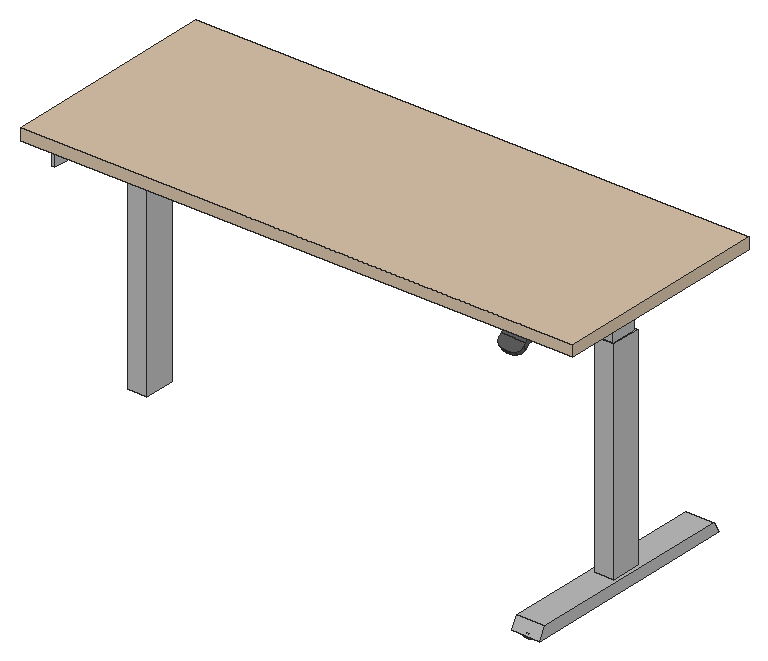
Revit family "Haworth_Upside_HeightAdjustTable_Rectangle_SingleStage_Credenza", category Furniture Systems, Revit 2019
Family settings
  Round Connector Dimension = Use Diameter
  Part Type = Normal
  OmniClass Number = 23.40.70.14.64.21
  OmniClass Title = Systems Furniture
  Work Plane-Based = No
  Always vertical = Yes
  Cut with Voids When Loaded = No
  Shared = No
  Room Calculation Point = No
Parameters (values of type "58w 23d - T-Leg")
  Width = 58"
  Warranty = "http://www.haworth.com/resources/product-info/warranties"
  URL - Product = "http://www.haworth.com/na/en/products/height-adjustable/upside.html"
  Table Finish [instance] = Haworth _ Laminate _ Maple H-AE
  Table Edge Finish [instance] = Haworth _ Laminate _ Maple H-AE
  T-Leg = yes
  Paddle Offset = Leg Height - 27 13/16"  # 0"
  Paddle Finish = Haworth _ Paint _ Black
  Model = "TJRA"  # constant formula
  Min. Height = 27 51/128"  # constant formula
  Max. Height = 46 77/128"  # constant formula
  Leg Offset = 3 1/32"  # constant formula
  Rail Location = if(and([T-Leg], [29in. Depth]), 14 3/8", if(and([T-Leg], [23in. Depth]), 11 5/16", if(and([C-Leg], [29in. Depth]), 20 1/32", 15 13/16")))  # 11 5/16"
  Leg Finish [instance] = Haworth _ Paint _ Metallic Champagne
  Height = 29"
  Front Leg Offset = if([T-Leg], 1/2", 0")  # 1/2"
  Description = "Haworth - Upside HAT Rectangular - Standard Range"  # constant formula
  URL = "http://www.haworth.com"
  Table Thickness = 1 3/16"  # constant formula
  Size = "Verify Final Dim. w/ Haworth"  # constant formula
  Revision Number = "1"  # constant formula
  Min/Max Width = "46-82 in. @ 6 in. increments"  # constant formula
  Standard Depths = "23, 29 in."  # constant formula
  Min. Width = 46"  # constant formula
  Max. Width = 82"  # constant formula
  Min. Depth = 23"  # constant formula
  Max. Depth = 29"  # constant formula
  Manufacturer = "Haworth"  # constant formula
  Leg Height = Actual Height - Table Thickness  # 27 13/16"
  Custom Size = not(or(Width = 46", Width = 52", Width = 58", Width = 64", Width = 70", Width = 76", Width = 82"))  # no
  C-Leg = not([T-Leg])  # no
  Author = "Haworth (Alias)"  # constant formula
  Assembly Code = "E2020200"
  Actual Width = if(Width < Min. Width, Min. Width, if(Width > Max. Width, Max. Width, Width))  # 58"
  Actual Height = if(Height > Max. Height, Max. Height, if(Height < Min. Height, Min. Height, Height))  # 29"
  Actual Depth = if([23in. Depth], 23", 29")  # 23"
  29in. Depth = not([23in. Depth])  # no
  23in. Depth = yes
Types (7): name | Width | T-Leg | Rail Location | Front Leg Offset | C-Leg | Actual Width | Actual Depth | 29in. Depth | 23in. Depth
  82w 29d - T-Leg | 82" | yes | 14 3/8" | 1/2" | no | 82" | 29" | yes | no
  76w 29d - C-Leg | 76" | no | 20 1/32" | 0" | yes | 76" | 29" | yes | no
  70w 29d - T-Leg | 70" | yes | 14 3/8" | 1/2" | no | 70" | 29" | yes | no
  64w 29d - C-Leg | 64" | no | 20 1/32" | 0" | yes | 64" | 29" | yes | no
  58w 23d - T-Leg | 58" | yes | 11 5/16" | 1/2" | no | 58" | 23" | no | yes
  46w 23d - T-Leg | 46" | yes | 11 5/16" | 1/2" | no | 46" | 23" | no | yes
  52w 23d - T-Leg | 52" | yes | 11 5/16" | 1/2" | no | 52" | 23" | no | yes
Reference planes (in)
  plane 1 "Center F/B": y = 0
  plane 2: z = 0
  plane 3 "Center L/R": x = -1.75
  plane 4 "Table Edge Left": x = -30.75
  plane 5 "Table Edge Right": x = 27.25
  plane 6 "Table Edge Front": y = 11.5
  plane 7 "Table Edge Back": y = -11.5
  plane 8 "Top": z = 29
  plane 9 "Top Bottom": z = 27.8125
  plane 10 "Left Leg": x = -27.71875
  plane 11 "Right Leg": x = 24.21875
  plane 12: y = -0.1875
  plane 13 "Front Leg": y = -12
Forms (in)
  Extrusion 1, solid, material "Haworth _ Laminate _ Maple H-AE" <- "Table Finish"
    sketch origin (0, 0, 29) x (-1, 0, 0) y (0, -1, 0)
      loop
        line (30.75, -11.5) -> (30.75, 11.5) -> (-27.25, 11.5) -> (-27.25, -11.5) -> (30.75, -11.5)
    from -1.1875 to 0
  Sweep 2, solid, material "Haworth _ Paint _ Metallic Champagne" <- "Leg Finish"
    path origin (0, 0, 27.8125) x (-1, 0, 0) y (0, -1, 0)
      loop
        line (27.71875, 0.1875) -> (-24.21875, 0.1875)
    profile origin (-1.75, -0.1875, 27.8125) x (0, 1, 0) y (0, 0, 1)
      loop
        line (-2.67708, -0.1375) -> (-2.67708, -1.4623)
        arc (-2.67708, -1.4623) -> (-2.64047, -1.55069) -> (-2.55208, -1.5873) r 0.125
        line (-2.55208, -1.5873) -> (-2.01383, -1.5873)
        arc (-2.01383, -1.5873) -> (-1.92544, -1.55069) -> (-1.88883, -1.4623) r 0.125
        line (-1.88883, -1.4623) -> (-1.88883, -0.1375)
        arc (-1.88883, -0.1375) -> (-1.92544, -0.04911) -> (-2.01383, -0.0125) r 0.125
        line (-2.01383, -0.0125) -> (-2.55208, -0.0125)
        arc (-2.55208, -0.0125) -> (-2.64047, -0.04911) -> (-2.67708, -0.1375) r 0.125
      loop
        arc (2.67708, -0.1375) -> (2.64047, -0.04911) -> (2.55208, -0.0125) r 0.125
        line (2.55208, -0.0125) -> (2.01383, -0.0125)
        arc (2.01383, -0.0125) -> (1.92544, -0.04911) -> (1.88883, -0.1375) r 0.125
        line (1.88883, -0.1375) -> (1.88883, -1.4623)
        arc (1.88883, -1.4623) -> (1.92544, -1.55069) -> (2.01383, -1.5873) r 0.125
        line (2.01383, -1.5873) -> (2.55208, -1.5873)
        arc (2.55208, -1.5873) -> (2.64047, -1.55069) -> (2.67708, -1.4623) r 0.125
        line (2.67708, -1.4623) -> (2.67708, -0.1375)
Lines and regions (in)
  Masking region 1
    outline origin (0, 0, 29) x (-1, 0, 0) y (0, -1, 0)
      loop
        line (30.75, -11.5) -> (30.75, 11.5) -> (-27.25, 11.5) -> (-27.25, -11.5) -> (30.75, -11.5)
Dimensions and locks (in)
  "Actual Width": plane 4 "Table Edge Left" to plane 5 "Table Edge Right"
  equal spacing: plane 4 "Table Edge Left", plane 3 "Center L/R", plane 5 "Table Edge Right"
  "Actual Depth": plane 6 "Table Edge Front" to plane 7 "Table Edge Back"
  equal spacing: plane 6 "Table Edge Front", plane 1 "Center F/B", plane 7 "Table Edge Back"
  "Actual Height": plane 8 "Top" to level
  "Table Thickness": plane 8 "Top" to plane 9 "Top Bottom"
  "Leg Offset": plane 4 "Table Edge Left" to plane 10 "Left Leg"
  "Leg Offset": plane 11 "Right Leg" to plane 5 "Table Edge Right"
  "Rail Location": plane 12 to plane 7 "Table Edge Back"
  "Front Leg Offset": plane 13 "Front Leg" to plane 7 "Table Edge Back"
  locked: nested 1 to plane 11 "Right Leg" at 3
  aligned and locked: Extrusion 1 sketch curve to plane 6 "Table Edge Front"
  aligned and locked: plane 7 "Table Edge Back" to Extrusion 1 sketch curve
  aligned and locked: Extrusion 1 sketch curve to plane 5 "Table Edge Right"
  aligned and locked: Extrusion 1 sketch curve to plane 4 "Table Edge Left"
  aligned and locked: Extrusion 1 to plane 9 "Top Bottom"
  aligned and locked: plane 8 "Top" to Extrusion 1
  aligned and locked: Masking region 1 sketch curve to plane 5 "Table Edge Right"
  aligned and locked: Masking region 1 sketch curve to plane 6 "Table Edge Front"
  aligned and locked: plane 7 "Table Edge Back" to Masking region 1 sketch curve
  aligned and locked: Masking region 1 sketch curve to plane 4 "Table Edge Left"
  aligned and locked: Sweep 2 sketch curve to plane 12
  aligned and locked: plane 11 "Right Leg" to Sweep 2 sketch curve
  aligned and locked: plane 10 "Left Leg" to Sweep 2 sketch curve
  aligned and locked: plane 7 "Table Edge Back" to nested 1
  aligned and locked: nested 3 to plane 2
  aligned and locked: plane 2 to nested 2
  aligned and locked: plane 11 "Right Leg" to nested 3
  aligned and locked: nested 3 to plane 13 "Front Leg"
Automatic sketch dimensions
  Sweep 2 sketch curve to plane 9 "Top Bottom" = 0.1375"  (x3)
  profile plane to Sweep 2 sketch curve = 2.67708"
  Sweep 2 sketch curve to plane 9 "Top Bottom" = 0.0125"  (x2)
  Sweep 2 sketch curve to Sweep 2 sketch curve = 1/8"  (x3)
  Sweep 2 sketch curve to Sweep 2 sketch curve = 0.53825"  (x4)
  Sweep 2 sketch curve to profile plane = 1.88883"
  Sweep 2 sketch curve to Sweep 2 sketch curve = 1.3248"  (x2)
Nested families (in)
  nested 1: "Haworth_Upside_Paddle_Part" at (21.21875, -12.91544, 0), built-in parameter 1001364 <- "Paddle Offset", type "Paddle"
  nested 2: "Haworth_Upside_StandardRange_Leg_Part_Credenza" at (-26.21875, -0.1875, 0), type "Leg"
  nested 3: "Haworth_Upside_StandardRange_Leg_Part" at (22.71875, -0.1875, 0) x (-1, 0, 0) z (0, 0, 1), type "Leg"
    with Tube distance 0", Top Support Front 8 1/8", Rod Length 7 29/32", Center Leg yes, Leg Length Middle 7 1/8", Leg Length Front 11 13/16", Leg Length Back 11 5/8", Actual Depth 21 7/16", 29 Depth no, 23 Depth yes
Definition of nested family "Haworth_Upside_Paddle_Part"
  Parameters (values of type "Paddle")
    Warranty = "http://www.haworth.com/resources/product-info/warranties"
    URL - Product = ""
    Type Comments = ""
    Model = "Haworth Upside"  # constant formula
    Description = "Haworth - Upside - Paddle - Part"
    URL = "www.haworth.com"
    Size = "Verify Final Dim. w/ Haworth"  # constant formula
    Revision Number = "1"  # constant formula
    Manufacturer = "Haworth"  # constant formula
    Box Body Finish = none
    Author = "Haworth (Alias)"  # constant formula
    Assembly Code = "E2020200"
    Actual Width = 3"  # constant formula
  Reference planes (in)
    plane 1 "Bottom": z = 0
    plane 2 "Center L/R": x = 0
    plane 3 "Left": x = -1.5
    plane 4 "Right": x = 1.5
    plane 5 "Back": y = 4.07436
    plane 6 "Front": y = 1.41544
    plane 7: y = 2.09891
    plane 8 "Void": through (480, 1.17376, 28.04914) normal (0, 0.7071, -0.7071)
    plane 9: z = 27.8125
  Forms (in)
    Extrusion 1, solid, material <- "Box Body Finish"
      sketch origin (30, 0.35365, 0) x (0, 1, 0) y (0, 0, 1)
        loop
          line (1.25505, 27.37943) -> (3.65821, 27.37943)
          arc (3.65821, 27.37943) -> (3.7024, 27.39774) -> (3.72071, 27.44193) r 0.0625
          line (3.72071, 27.44193) -> (3.72071, 27.75)
          arc (3.72071, 27.75) -> (3.7024, 27.79419) -> (3.65821, 27.8125) r 0.0625
          line (3.65821, 27.8125) -> (1.26975, 27.8125)
          arc (1.26975, 27.8125) -> (1.03057, 27.76492) -> (0.82781, 27.62944) r 0.625
          line (0.82781, 27.62944) -> (-0.04483, 26.7568)
          arc (-0.04483, 26.7568) -> (-0.06314, 26.71261) -> (-0.04483, 26.66842) r 0.0625
          line (-0.04483, 26.66842) -> (0.17305, 26.45054)
          arc (0.17305, 26.45054) -> (0.21724, 26.43223) -> (0.26144, 26.45054) r 0.0625
          line (0.26144, 26.45054) -> (1.14456, 27.33367)
          arc (1.14456, 27.33367) -> (1.19526, 27.36754) -> (1.25505, 27.37943) r 0.15625
      from -31.5 to -28.5
    Extrusion 2, void
      sketch origin (0, -13.43769, 13.43769) x (0, 0.707107, 0.707107) y (1, 0, 0)
        loop
          arc (19.97515, -1.2974) -> (19.55992, -1.17792) -> (19.2717, -0.85602) r 0.78125
          arc (19.2717, -0.85602) -> (19.07579, 0.00012) -> (19.27194, 0.85621) r 1.9674
          arc (19.27194, 0.85621) -> (19.56016, 1.17798) -> (19.9753, 1.2974) r 0.78125
          line (19.9753, 1.2974) -> (22.97855, 1.2974) -> (22.97855, 2.25752) -> (17.97855, 2.25752) -> (17.97855, -2.25752) -> (22.97855, -2.25752) -> (22.97855, -1.2974) -> (19.97515, -1.2974)
      from 0 to 5
  Cuts and joins
    Extrusion 2 cuts Extrusion 1
  Lines and regions (in)
    Masking region 1, detail levels medium+fine
      outline origin (0, 0, 29) x (-1, 0, 0) y (0, -1, 0)
        loop
          line (1.5, -4.07436) -> (1.5, -1.41544) -> (-1.5, -1.41544) -> (-1.5, -4.07436) -> (1.5, -4.07436)
  Dimensions and locks (in)
    "Actual Width": plane 3 "Left" to plane 4 "Right"
    equal spacing: plane 3 "Left", plane 2 "Center L/R", plane 4 "Right"
    locked: plane 9 to plane 1 "Bottom" at 27.8125
    aligned and locked: plane 4 "Right" to Extrusion 1
    aligned and locked: Extrusion 1 to plane 3 "Left"
    aligned and locked: Extrusion 1 sketch curve to plane 5 "Back"
    aligned and locked: plane 6 "Front" to Masking region 1 sketch curve
    aligned and locked: Masking region 1 sketch curve to plane 5 "Back"
    aligned and locked: Masking region 1 sketch curve to plane 4 "Right"
    aligned and locked: plane 3 "Left" to Masking region 1 sketch curve
  Automatic sketch dimensions
    plane 4 "Right" to Extrusion 2 sketch curve = 0.75752"
    plane 3 "Left" to Extrusion 2 sketch curve = 0.2026"
    Extrusion 2 sketch curve to Extrusion 2 sketch curve = 1.9966"
    plane 2 "Center L/R" to Extrusion 2 sketch curve = 0.51615"
    Extrusion 2 sketch curve to Extrusion 2 sketch curve = 0.00014"
    Extrusion 2 sketch curve to plane 2 "Center L/R" = 0.00015"
    Extrusion 2 sketch curve to Extrusion 2 sketch curve = 1.06789"
    Extrusion 2 sketch curve to Extrusion 2 sketch curve = 1.93537"  (x2)
    Extrusion 2 sketch curve to plane 3 "Left" = 0.75752"
    Extrusion 2 sketch curve to plane 2 "Center L/R" = 0.51615"
    Extrusion 2 sketch curve to plane 4 "Right" = 0.2026"
    Extrusion 2 sketch curve to Extrusion 2 sketch curve = 0"
    Extrusion 1 sketch curve to plane 9 = 0"
    Extrusion 1 sketch curve to Extrusion 1 sketch curve = 1/16"
    Extrusion 1 sketch curve to plane 5 "Back" = 1/16"
    plane 6 "Front" to Extrusion 1 sketch curve = 0.20796"
    Extrusion 1 sketch curve to Extrusion 1 sketch curve = 0.0147"
    plane 6 "Front" to Extrusion 1 sketch curve = 0.08277"
    Extrusion 1 sketch curve to plane 9 = 0.18306"
    Extrusion 1 sketch curve to plane 6 "Front" = 0.23398"
    Extrusion 1 sketch curve to plane 6 "Front" = 0.80036"
    Extrusion 1 sketch curve to Extrusion 1 sketch curve = 0.04419"  (x6)
    Extrusion 1 sketch curve to Extrusion 1 sketch curve = 0.21788"  (x2)
    Extrusion 1 sketch curve to plane 9 = 1.0557"
    Extrusion 1 sketch curve to Extrusion 1 sketch curve = 0.03568"
    Extrusion 1 sketch curve to Extrusion 1 sketch curve = 0.11049"
Definition of nested family "Haworth_Upside_StandardRange_Leg_Part_Credenza"
  Parameters (values of type "Leg")
    Warranty = "http://haworth.com/product-info/warranties"
    URL - Product = "http://www.haworth.com/na/en/products/height-adjustable/upside.html"
    URL = "http://www.haworth.com/"
    Tube distance = if(Center Leg, 0", if([29 Depth], 5 5/32", 4"))  # 0"
    Top Support Front = if([29 Depth], 14 1/8", 8 1/8")  # 14 1/8"
    Rod Length = if(Center Leg, 7 29/32", 10")  # 7 29/32"
    Note = "Verify Final Dim. w/ Haworth"  # constant formula
    Model = "Haworth Upside"  # constant formula
    Manufacturer = "Haworth"  # constant formula
    Glide Finish = none
    Description = "Haworth - Upside - Standard Range Leg Part"
    Center Leg = yes
    Leg Length Middle = if([29 Depth], 9 1/8", 7 1/8")  # 9 1/8"
    Leg Length Front = if([29 Depth], 14 7/8", 11 13/16")  # 14 7/8"
    Leg Length Back = if([29 Depth], 14 5/8", 11 5/8")  # 14 5/8"
    Leg Height = 27 13/16"
    Leg Finish = none
    Author = "Haworth (Alias)"  # constant formula
    Assembly Code = ""
    Actual Width = 3"  # constant formula
    Actual Depth = if([29 Depth], 27 7/16", 21 7/16")  # 27 7/16"
    29 Depth = not([23 Depth])  # yes
    23 Depth = no
  Reference planes (in)
    plane 1 "Center (Front/Back)": y = 0
    plane 2 "Base": z = 0
    plane 3 "Center (Left/Right)": x = 0
    plane 4 "Bottom of Top": z = 27.8125
    plane 5 "Top of Base": z = 1.37863
    plane 6 "Base Bottom": z = 0.2369
    plane 7 "Glide Back": y = 13.375
    plane 8 "Glide Front": y = -13.625
    plane 9 "bot leg": x = 1.375
    plane 10: x = -1.375
    plane 11: x = -1.5
    plane 12: x = 1.5
    plane 13 "Back": y = 14.625
    plane 14 "Front": y = -14.875
    plane 15: y = 1.40625
    plane 16: y = 1.59375
    plane 17: y = -1.40625
    plane 18: y = -1.59375
    plane 19 "Glide Top": z = 0.47244
    plane 20 "Center tube": y = 0
    plane 21 "2nd Stage Top": z = 25.79224
    plane 22 "1st Stage Top": z = 23.5
    plane 23: y = -6.96875
    plane 24: y = 8.84375
  Forms (in)
    Extrusion 1, solid, material <- "Leg Finish"
      sketch origin (0.5561, 0.17985, 0) x (1, 0, 0) y (0, 1, 0)
        loop
          line (-1.34438, 1.2264) -> (-1.34438, -1.5861) -> (0.23296, -1.5861) -> (0.23296, 1.2264) -> (-1.34438, 1.2264)
      from 22.25121 to 25.79224
    Extrusion 2, solid, material <- "Leg Finish"
      sketch origin (0, -5.26109, 0) x (1, 0, 0) y (0, 1, 0)
        loop
          line (-1, 6.85484) -> (-1, 3.66734) -> (1, 3.66734) -> (1, 6.85484) -> (-1, 6.85484)
      from 1.37863 to 23.5
    Extrusion 3, solid, material <- "Leg Finish"
      sketch origin (0, 0, 0) x (1, 0, 0) y (0, 0, 1)
        loop
          line (-1.75847, 27.8125) -> (-1.75847, 25.79224) -> (-1.5, 25.79224) -> (-1.5, 27.8125) -> (-1.75847, 27.8125)
      from -8.84375 to 6.96875
    Extrusion 4, solid, material <- "Leg Finish"
      sketch origin (0, 0, 0) x (0, 1, 0) y (0, 0, 1)
        loop
          line (8.84375, 27.8125) -> (8.84375, 25.79224) -> (10.39062, 26.2358) -> (10.39062, 27.8125) -> (8.84375, 27.8125)
        loop
          line (-6.96875, 25.79224) -> (-6.96875, 27.8125) -> (-10.625, 27.8125) -> (-10.625, 26.11212) -> (-6.96875, 25.79224)
      from -1.75847 to -1.5
    Sweep 5, solid, material <- "Leg Finish"
      path origin (0, 0, 0) x (0, 1, 0) y (0, 0, 1)
        loop
          line (0, 25.79224) -> (0, 27.8125)
      profile origin (0, 0, 26.80237) x (0, -1, 0) y (1, 0, 0)
        loop
          line (-1.392, -1.65447) -> (1.392, -1.65447)
          arc (1.392, -1.65447) -> (1.48768, -1.63544) -> (1.56878, -1.58125) r 0.25
          line (1.56878, -1.58125) -> (1.81603, -1.334)
          arc (1.81603, -1.334) -> (1.87023, -1.25289) -> (1.88926, -1.15722) r 0.25
          line (1.88926, -1.15722) -> (1.88926, 5.32859)
          arc (1.88926, 5.32859) -> (1.87023, 5.42426) -> (1.81603, 5.50536) r 0.25
          line (1.81603, 5.50536) -> (1.56878, 5.75262)
          arc (1.56878, 5.75262) -> (1.48768, 5.80681) -> (1.392, 5.82584) r 0.25
          line (1.392, 5.82584) -> (-1.392, 5.82584)
          arc (-1.392, 5.82584) -> (-1.48768, 5.80681) -> (-1.56878, 5.75262) r 0.25
          line (-1.56878, 5.75262) -> (-1.81603, 5.50536)
          arc (-1.81603, 5.50536) -> (-1.87023, 5.42426) -> (-1.88926, 5.32859) r 0.25
          line (-1.88926, 5.32859) -> (-1.88926, -1.15722)
          arc (-1.88926, -1.15722) -> (-1.87023, -1.25289) -> (-1.81603, -1.334) r 0.25
          line (-1.81603, -1.334) -> (-1.56878, -1.58125)
          arc (-1.56878, -1.58125) -> (-1.48768, -1.63544) -> (-1.392, -1.65447) r 0.25
  Cuts and joins
    joined: Extrusion 3, Extrusion 4
  Dimensions and locks (in)
    "Leg Height": plane 4 "Bottom of Top" to level
    locked: plane 10 to plane 9 "bot leg" at 2.75
    "Actual Width": plane 11 to plane 12
    equal spacing: plane 11, plane 3 "Center (Left/Right)", plane 12
    equal spacing: plane 10, plane 3 "Center (Left/Right)", plane 9 "bot leg"
    "Leg Length Front": plane 14 "Front" to plane 1 "Center (Front/Back)"
    "Leg Length Back": plane 1 "Center (Front/Back)" to plane 13 "Back"
    locked: plane 13 "Back" to plane 7 "Glide Back" at 1.25
    locked: plane 8 "Glide Front" to plane 14 "Front" at 1.25
    locked: plane 17 to plane 18 at 0.1875
    locked: plane 15 to plane 16 at 0.1875
    plane 21 "2nd Stage Top" to plane 22 "1st Stage Top" = 2.29224"
    "Rod Length": plane 14 "Front" to plane 23
    locked: plane 24 to plane 13 "Back" at 5.78125
    locked: plane 24 to Extrusion 4 sketch curve at 1.54688
    locked: Extrusion 4 sketch curve to plane 21 "2nd Stage Top" at 0.44356
    locked: plane 4 "Bottom of Top" to plane 21 "2nd Stage Top" at 2.02026
    "Tube distance": plane 1 "Center (Front/Back)" to plane 20 "Center tube"
    locked: Extrusion 4 sketch curve to plane 23 at 3.65625
    locked: Extrusion 4 sketch curve to plane 21 "2nd Stage Top" at 0.31988
    locked: plane 22 "1st Stage Top" to plane 2 "Base" at 23.5
    locked: Extrusion 1 to plane 22 "1st Stage Top" at 1.24879
    equal spacing: Extrusion 2 sketch curve, plane 3 "Center (Left/Right)", Extrusion 2 sketch curve
    locked: Extrusion 1 sketch curve to plane 3 "Center (Left/Right)" at 0.78828
    locked: plane 3 "Center (Left/Right)" to Extrusion 1 sketch curve at 0.78906
    locked: plane 20 "Center tube" to plane 15 at 1.40625
    locked: plane 17 to plane 20 "Center tube" at 1.40625
    aligned and locked: plane 16 to Extrusion 2 sketch curve
    aligned and locked: plane 18 to Extrusion 2 sketch curve
    aligned and locked: level to plane 2 "Base"
    aligned and locked: plane 4 "Bottom of Top" to Extrusion 3
    aligned and locked: plane 4 "Bottom of Top" to Extrusion 4
    aligned and locked: plane 22 "1st Stage Top" to Extrusion 2
    aligned and locked: plane 5 "Top of Base" to Extrusion 2
    aligned and locked: Sweep 5 sketch curve to plane 20 "Center tube"
    aligned and locked: plane 21 "2nd Stage Top" to Sweep 5 sketch curve
    aligned and locked: plane 4 "Bottom of Top" to Sweep 5 sketch curve
    aligned and locked: Extrusion 3 sketch curve to plane 11
    aligned and locked: Extrusion 3 sketch curve to plane 4 "Bottom of Top"
    aligned and locked: plane 21 "2nd Stage Top" to Extrusion 3 sketch curve
    aligned and locked: plane 23 to Extrusion 3
    aligned and locked: Extrusion 3 to plane 24
    aligned and locked: plane 4 "Bottom of Top" to Extrusion 4 sketch curve  (x2)
    aligned and locked: plane 24 to Extrusion 4 sketch curve
    aligned and locked: plane 21 "2nd Stage Top" to Extrusion 4 sketch curve
    aligned and locked: plane 11 to Extrusion 4
    aligned and locked: Extrusion 4 to Extrusion 3
    aligned and locked: plane 21 "2nd Stage Top" to Extrusion 1
    aligned and locked: Extrusion 4 sketch curve to plane 23
    aligned and locked: plane 17 to Extrusion 1 sketch curve
    aligned and locked: plane 15 to Extrusion 1 sketch curve
  Automatic sketch dimensions
    Extrusion 3 sketch curve to plane 11 = 0.25847"
    profile plane to Sweep 5 sketch curve = 1.88926"
    Sweep 5 sketch curve to Sweep 5 sketch curve = 0.07322"  (x3)
    Sweep 5 sketch curve to plane 3 "Center (Left/Right)" = 1.334"
    Sweep 5 sketch curve to Sweep 5 sketch curve = 0.17678"  (x10)
    Sweep 5 sketch curve to Sweep 5 sketch curve = 0.24725"  (x8)
    Sweep 5 sketch curve to profile plane = 1.392"  (x2)
    Sweep 5 sketch curve to plane 3 "Center (Left/Right)" = 1.40447"
    plane 3 "Center (Left/Right)" to Sweep 5 sketch curve = 5.32859"
    Sweep 5 sketch curve to Sweep 5 sketch curve = 0"
    Extrusion 4 sketch curve to plane 21 "2nd Stage Top" = 0"
    plane 10 to Extrusion 2 sketch curve = 3/8"
Definition of nested family "Haworth_Upside_StandardRange_Leg_Part"
  Parameters (values of type "Leg")
    Warranty = "http://haworth.com/product-info/warranties"
    URL - Product = "http://www.haworth.com/na/en/products/height-adjustable/upside.html"
    URL = "http://www.haworth.com/"
    Tube distance = if(Center Leg, 0", if([29 Depth], 5 5/32", 4"))  # 5 5/32"
    Top Support Front = if([29 Depth], 14 1/8", 8 1/8")  # 14 1/8"
    Rod Length = if(Center Leg, 7 29/32", 10")  # 10"
    Note = "Verify Final Dim. w/ Haworth"  # constant formula
    Model = "Haworth Upside"  # constant formula
    Manufacturer = "Haworth"  # constant formula
    Glide Finish = none
    Description = "Haworth - Upside - Standard Range Leg Part"
    Center Leg = no
    Leg Length Middle = if([29 Depth], 9 1/8", 7 1/8")  # 9 1/8"
    Leg Length Front = if([29 Depth], 14 7/8", 11 13/16")  # 14 7/8"
    Leg Length Back = if([29 Depth], 14 5/8", 11 5/8")  # 14 5/8"
    Leg Height = 27 13/16"
    Leg Finish = none
    Author = "Haworth (Alias)"  # constant formula
    Assembly Code = ""
    Actual Width = 3"  # constant formula
    Actual Depth = if([29 Depth], 27 7/16", 21 7/16")  # 27 7/16"
    29 Depth = not([23 Depth])  # yes
    23 Depth = no
  Reference planes (in)
    plane 1 "Center (Front/Back)": y = 0
    plane 2 "Base": z = 0
    plane 3 "Center (Left/Right)": x = 0
    plane 4 "Bottom of Top": z = 27.8125
    plane 5 "Top of Base": z = 1.37863
    plane 6 "Base Bottom": z = 0.2369
    plane 7 "Glide Back": y = 13.375
    plane 8 "Glide Front": y = -13.625
    plane 9 "bot leg": x = 1.375
    plane 10: x = -1.375
    plane 11: x = -1.5
    plane 12: x = 1.5
    plane 13 "Back": y = 14.625
    plane 14 "Front": y = -14.875
    plane 15: y = 6.5625
    plane 16: y = 6.75
    plane 17: y = 3.75
    plane 18: y = 3.5625
    plane 19 "Glide Top": z = 0.47244
    plane 20 "Center tube": y = 5.15625
    plane 21 "2nd Stage Top": z = 25.79224
    plane 22 "1st Stage Top": z = 23.5
    plane 23: y = -4.875
    plane 24: y = 8.84375
  Forms (in)
    Extrusion 1, solid, material <- "Glide Finish"
      sketch origin (0, 0, 0) x (1, 0, 0) y (0, 1, 0)
        loop
          circle (0, 13.375) r 1.125
        loop
          circle (0, -13.625) r 1.125
      from 0 to 0.47244
    Extrusion 2, solid, material <- "Leg Finish"
      sketch origin (0.5561, 0.17985, 0) x (1, 0, 0) y (0, 1, 0)
        loop
          line (-1.34438, 6.38265) -> (-1.34438, 3.57015) -> (0.23296, 3.57015) -> (0.23296, 6.38265) -> (-1.34438, 6.38265)
      from 22.25121 to 25.79224
    Extrusion 3, solid, material <- "Leg Finish"
      sketch origin (0, -5.26109, 0) x (1, 0, 0) y (0, 1, 0)
        loop
          line (-1, 12.01109) -> (-1, 8.82359) -> (1, 8.82359) -> (1, 12.01109) -> (-1, 12.01109)
      from 1.37863 to 23.5
    Extrusion 4, solid, material <- "Leg Finish"
      sketch origin (0, 0, 0) x (1, 0, 0) y (0, 0, 1)
        loop
          line (-1.75847, 27.8125) -> (-1.75847, 25.79224) -> (-1.5, 25.79224) -> (-1.5, 27.8125) -> (-1.75847, 27.8125)
      from -8.84375 to 4.875
    Extrusion 5, solid, material <- "Leg Finish"
      sketch origin (0, 0, 0) x (0, 1, 0) y (0, 0, 1)
        loop
          line (8.84375, 27.8125) -> (8.84375, 25.79224) -> (10.39062, 26.2358) -> (10.39062, 27.8125) -> (8.84375, 27.8125)
        loop
          line (-4.875, 25.79224) -> (-4.875, 27.8125) -> (-8.53125, 27.8125) -> (-8.53125, 26.11212) -> (-4.875, 25.79224)
      from -1.75847 to -1.5
    Sweep 6, solid, material <- "Leg Finish"
      path origin (0, 0, 0) x (1, 0, 0) y (0, 1, 0)
        loop
          line (-1.5, 0) -> (1.5, 0)
      profile origin (0, 0, 0) x (0, 1, 0) y (0, 0, 1)
        loop
          line (-14.875, 0.2369) -> (14.625, 0.2369) -> (14, 1.37863) -> (-14.25, 1.37863) -> (-14.875, 0.2369)
    Sweep 7, solid, material <- "Leg Finish"
      path origin (0, 0, 0) x (0, 1, 0) y (0, 0, 1)
        loop
          line (5.15625, 25.79224) -> (5.15625, 27.8125)
      profile origin (0, 5.15625, 26.80237) x (0, -1, 0) y (1, 0, 0)
        loop
          line (-1.392, -1.65447) -> (1.392, -1.65447)
          arc (1.392, -1.65447) -> (1.48768, -1.63544) -> (1.56878, -1.58125) r 0.25
          line (1.56878, -1.58125) -> (1.81603, -1.334)
          arc (1.81603, -1.334) -> (1.87023, -1.25289) -> (1.88926, -1.15722) r 0.25
          line (1.88926, -1.15722) -> (1.88926, 5.32859)
          arc (1.88926, 5.32859) -> (1.87023, 5.42426) -> (1.81603, 5.50536) r 0.25
          line (1.81603, 5.50536) -> (1.56878, 5.75262)
          arc (1.56878, 5.75262) -> (1.48768, 5.80681) -> (1.392, 5.82584) r 0.25
          line (1.392, 5.82584) -> (-1.392, 5.82584)
          arc (-1.392, 5.82584) -> (-1.48768, 5.80681) -> (-1.56878, 5.75262) r 0.25
          line (-1.56878, 5.75262) -> (-1.81603, 5.50536)
          arc (-1.81603, 5.50536) -> (-1.87023, 5.42426) -> (-1.88926, 5.32859) r 0.25
          line (-1.88926, 5.32859) -> (-1.88926, -1.15722)
          arc (-1.88926, -1.15722) -> (-1.87023, -1.25289) -> (-1.81603, -1.334) r 0.25
          line (-1.81603, -1.334) -> (-1.56878, -1.58125)
          arc (-1.56878, -1.58125) -> (-1.48768, -1.63544) -> (-1.392, -1.65447) r 0.25
  Cuts and joins
    joined: Extrusion 4, Extrusion 5
  Lines and regions (in)
    symbolic lines, detail levels medium+fine
      curve 1: line (-1.5, 14.625, 0) -> (1.5, 14.625, 0)
      curve 2: line (-1.5, -14.875, 0) -> (-1.5, 14.625, 0)
      curve 3: line (1.5, -14.875, 0) -> (-1.5, -14.875, 0)
      curve 4: line (1.5, 14.625, 0) -> (1.5, -14.875, 0)
      curve 5: line (-1.5, 14.625, 0) -> (1.5, 14.625, 0)
      curve 6: line (-1.5, 14.625, 0) -> (-1.5, -14.875, 0)
      curve 7: line (-1.5, -14.875, 0) -> (1.5, -14.875, 0)
      curve 8: line (1.5, -14.875, 0) -> (1.5, 14.625, 0)
      curve 9: line (-1.5, 6.75, 0) -> (1.5, 6.75, 0)
      curve 10: line (1.5, 3.5625, 0) -> (-1.5, 3.5625, 0)
  Dimensions and locks (in)
    "Leg Height": plane 4 "Bottom of Top" to level
    locked: plane 10 to plane 9 "bot leg" at 2.75
    "Actual Width": plane 11 to plane 12
    equal spacing: plane 11, plane 3 "Center (Left/Right)", plane 12
    equal spacing: plane 10, plane 3 "Center (Left/Right)", plane 9 "bot leg"
    "Leg Length Front": plane 14 "Front" to plane 1 "Center (Front/Back)"
    "Leg Length Back": plane 1 "Center (Front/Back)" to plane 13 "Back"
    locked: plane 13 "Back" to plane 7 "Glide Back" at 1.25
    locked: plane 8 "Glide Front" to plane 14 "Front" at 1.25
    locked: plane 17 to plane 18 at 0.1875
    locked: plane 15 to plane 16 at 0.1875
    locked: Sweep 6 sketch curve to plane 13 "Back" at 0.625
    locked: plane 14 "Front" to Sweep 6 sketch curve at 0.625
    plane 21 "2nd Stage Top" to plane 22 "1st Stage Top" = 2.29224"
    "Rod Length": plane 14 "Front" to plane 23
    locked: plane 24 to plane 13 "Back" at 5.78125
    locked: plane 24 to Extrusion 5 sketch curve at 1.54688
    locked: Extrusion 5 sketch curve to plane 21 "2nd Stage Top" at 0.44356
    locked: plane 4 "Bottom of Top" to plane 21 "2nd Stage Top" at 2.02026
    "Tube distance": plane 1 "Center (Front/Back)" to plane 20 "Center tube"
    locked: Extrusion 5 sketch curve to plane 23 at 3.65625
    locked: Extrusion 5 sketch curve to plane 21 "2nd Stage Top" at 0.31988
    locked: plane 22 "1st Stage Top" to plane 2 "Base" at 23.5
    locked: Extrusion 2 to plane 22 "1st Stage Top" at 1.24879
    equal spacing: Extrusion 3 sketch curve, plane 3 "Center (Left/Right)", Extrusion 3 sketch curve
    locked: Extrusion 2 sketch curve to plane 3 "Center (Left/Right)" at 0.78828
    locked: plane 3 "Center (Left/Right)" to Extrusion 2 sketch curve at 0.78906
    locked: plane 20 "Center tube" to plane 15 at 1.40625
    locked: plane 17 to plane 20 "Center tube" at 1.40625
    aligned and locked: plane 16 to Extrusion 3 sketch curve
    aligned and locked: plane 18 to Extrusion 3 sketch curve
    aligned and locked: level to plane 2 "Base"
    aligned and locked: curve 4 to plane 12
    aligned and locked: plane 14 "Front" to curve 3
    aligned and locked: plane 11 to curve 2
    aligned and locked: plane 4 "Bottom of Top" to Extrusion 4
    aligned and locked: plane 4 "Bottom of Top" to Extrusion 5
    aligned and locked: plane 19 "Glide Top" to Extrusion 1
    aligned and locked: plane 1 "Center (Front/Back)" to Sweep 6 sketch curve
    aligned and locked: curve 4 to Sweep 6 sketch curve
    aligned and locked: plane 11 to Sweep 6 sketch curve
    aligned and locked: plane 6 "Base Bottom" to Sweep 6 sketch curve
    aligned and locked: Sweep 6 sketch curve to plane 5 "Top of Base"
    aligned and locked: plane 14 "Front" to Sweep 6 sketch curve
    aligned and locked: plane 13 "Back" to Sweep 6 sketch curve
    aligned and locked: plane 22 "1st Stage Top" to Extrusion 3
    aligned and locked: plane 5 "Top of Base" to Extrusion 3
    aligned and locked: Sweep 7 sketch curve to plane 20 "Center tube"
    aligned and locked: plane 21 "2nd Stage Top" to Sweep 7 sketch curve
    aligned and locked: plane 4 "Bottom of Top" to Sweep 7 sketch curve
    aligned and locked: Extrusion 4 sketch curve to plane 11
    aligned and locked: Extrusion 4 sketch curve to plane 4 "Bottom of Top"
    aligned and locked: plane 21 "2nd Stage Top" to Extrusion 4 sketch curve
    aligned and locked: plane 23 to Extrusion 4
    aligned and locked: Extrusion 4 to plane 24
    aligned and locked: plane 4 "Bottom of Top" to Extrusion 5 sketch curve  (x2)
    aligned and locked: plane 24 to Extrusion 5 sketch curve
    aligned and locked: plane 21 "2nd Stage Top" to Extrusion 5 sketch curve
    aligned and locked: plane 11 to Extrusion 5
    aligned and locked: Extrusion 5 to Extrusion 4
    aligned and locked: plane 18 to curve 10
    aligned and locked: plane 16 to curve 9
    aligned and locked: plane 21 "2nd Stage Top" to Extrusion 2
    aligned and locked: Extrusion 5 sketch curve to plane 23
    aligned and locked: plane 17 to Extrusion 2 sketch curve
    aligned and locked: plane 15 to Extrusion 2 sketch curve
  Automatic sketch dimensions
    Extrusion 1 sketch curve to plane 3 "Center (Left/Right)" = 0"  (x2)
    Extrusion 1 sketch curve to plane 8 "Glide Front" = 0"
    Extrusion 1 sketch curve to plane 7 "Glide Back" = 0"
    Extrusion 4 sketch curve to plane 11 = 0.25847"
    profile plane to Sweep 7 sketch curve = 1.88926"
    Sweep 7 sketch curve to Sweep 7 sketch curve = 0.07322"  (x3)
    Sweep 7 sketch curve to plane 3 "Center (Left/Right)" = 1.334"
    Sweep 7 sketch curve to Sweep 7 sketch curve = 0.17678"  (x10)
    Sweep 7 sketch curve to Sweep 7 sketch curve = 0.24725"  (x8)
    Sweep 7 sketch curve to profile plane = 1.392"  (x2)
    Sweep 7 sketch curve to plane 3 "Center (Left/Right)" = 1.40447"
    plane 3 "Center (Left/Right)" to Sweep 7 sketch curve = 5.32859"
    Sweep 7 sketch curve to Sweep 7 sketch curve = 0"
    Extrusion 5 sketch curve to plane 21 "2nd Stage Top" = 0"
    plane 10 to Extrusion 3 sketch curve = 3/8"
    curve 5 to plane 13 "Back" = 0"
    radius of Extrusion 1 sketch curve = 1 1/8"  (x2)
